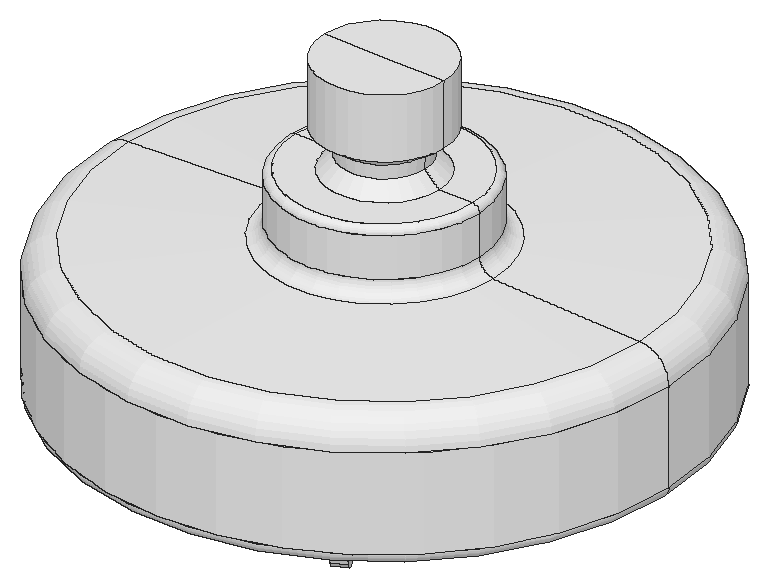
Revit family "Showerhead-American_Standard-Rain-1660.650_Series", category Plumbing Fixtures, Revit 2019
Family settings
  Round Connector Dimension = Use Diameter
  Part Type = Normal
  OmniClass Number = 23.45.05.14.17
  OmniClass Title = Showers
  Work Plane-Based = No
  Always vertical = No
  Cut with Voids When Loaded = No
  Shared = Yes
  Room Calculation Point = No
Parameters (values of type "1660.650.002")
  Width = 4 3/4"  # constant formula
  Waste Connection = no
  WFU = 4  # constant formula
  Vent Connection = no
  URL = "http://www.americanstandard-us.com"
  Tempered Water Connection Radius = 1/4"
  Tempered Water Connection Diameter = Tempered Water Connection Radius * 2  # 1/2"
  Tempered Water Connection = yes
  Revised Date = "09/10/2021"  # constant formula
  Product Page URL = "https://www.americanstandard-us.com/Rain-Showerheads/3-Function-4-3-4-Inch-25-gpm-95-L-min-Showerhead/CHROME-1660650002"
  Product Documentation Link = "https://americanstandard.box.com/shared/static/b6dlslu3qnfv9tlnm5u9zyqxds92ln11.pdf"
  Model = "1660.650.002"
  Material = "Brass-American Standard-002-Polished Chrome"
  Manufacturer = "American Standard"
  Height = 2 15/16"  # constant formula
  HWFU = 3  # constant formula
  HW Connection = no
  Flow Rate = "2.5 gpm (9.5 L/min)"
  Finish = Brass-American Standard-002-Polished Chrome
  Description = "Multifunction Rain Showerhead"
  Creation Date = "01/28/2020"  # constant formula
  CWFU = 3  # constant formula
  CW Connection = no
  Assembly Code = "D2010700"
  ASME A112.18.1/CSA B125.1 = yes
Reference planes (in)
  plane 1 "Center (Front/Back)": y = 0
  plane 2: z = 0
  plane 3 "Center (Left/Right)": x = 0
  plane 4: y = 3.90625
  plane 5: y = -3.90625
  plane 6: z = -2.9375
  plane 7: z = -1.375
  plane 8: x = -2.375
  plane 9: x = 2.375
Forms (in)
  Revolve 1, solid, material "Brass-American Standard-002-Polished Chrome" <- "Finish"
    sketch origin (0, 0, 0) x (1, 0, 0) y (0, 0, 1)
      loop
        line (0, 0) -> (-0.5, 0) -> (-0.5, -0.5) -> (-0.34813, -0.60634) -> (-0.33872, -0.71387) -> (-0.45369, -0.82884) -> (-0.73706, -0.82884)
        arc (-0.73706, -0.82884) -> (-0.77733, -0.84552) -> (-0.79402, -0.88579) r 0.05695
        line (-0.79402, -0.88579) -> (-0.79402, -1.21259)
        arc (-0.79402, -1.21259) -> (-0.82766, -1.29587) -> (-0.90972, -1.33241) r 0.11989
        line (-0.90972, -1.33241) -> (-2.13372, -1.37515)
        arc (-2.13372, -1.37515) -> (-2.30483, -1.45133) -> (-2.375, -1.625) r 0.25
        line (-2.375, -1.625) -> (-2.375, -2.385)
        arc (-2.375, -2.385) -> (-2.35086, -2.44329) -> (-2.29257, -2.46744) r 0.08243
        line (-2.29257, -2.46744) -> (0, -2.46744) -> (0, 0)
      axis (0, 0) -> (0, -2.46744)
    angle from 0 to 360
  Extrusion 2, solid, material "Brass-American Standard-002-Polished Chrome" <- "Finish"
    sketch origin (0, 0, 0.125) x (1, 0, 0) y (0, 0, 1)
      loop
        arc (-1.96534, -2.55929) -> (-1.9803, -2.69604) -> (-1.94444, -2.82884) r 0.37124
        arc (-1.94444, -2.82884) -> (-1.889, -2.88082) -> (-1.81301, -2.88222) r 0.10578
        line (-1.81301, -2.88222) -> (-1.39905, -2.73155) -> (-1.96534, -2.55929)
    from -0.06056 to 0.06157
  Extrusion 3, solid, material "Brass-American Standard-002-Polished Chrome" <- "Finish"
    sketch origin (0, 0, 0.125) x (-0.5, -0.866025, 0) y (0, 0, 1)
      loop
        arc (-1.96534, -2.55929) -> (-1.9803, -2.69604) -> (-1.94444, -2.82884) r 0.37124
        arc (-1.94444, -2.82884) -> (-1.889, -2.88082) -> (-1.81301, -2.88222) r 0.10578
        line (-1.81301, -2.88222) -> (-1.39905, -2.73155) -> (-1.96534, -2.55929)
    from -0.06056 to 0.06157
  Extrusion 4, solid, material "Brass-American Standard-002-Polished Chrome" <- "Finish"
    sketch origin (0, 0, 0.125) x (-0.5, 0.866025, 0) y (0, 0, 1)
      loop
        arc (-1.96534, -2.55929) -> (-1.9803, -2.69604) -> (-1.94444, -2.82884) r 0.37124
        arc (-1.94444, -2.82884) -> (-1.889, -2.88082) -> (-1.81301, -2.88222) r 0.10578
        line (-1.81301, -2.88222) -> (-1.39905, -2.73155) -> (-1.96534, -2.55929)
    from -0.06056 to 0.06157
  Revolve 5, solid, material "Brass-American Standard-002-Polished Chrome" <- "Finish"
    sketch origin (0, 0, 0.125) x (1, 0, 0) y (0, 0, 1)
      loop
        arc (-2.19967, -2.59244) -> (-1.43233, -2.86459) -> (-0.63299, -3.01935) r 5.44803
        line (-0.63299, -3.01935) -> (-0.63299, -2.95816) -> (-0.59685, -2.95816) -> (-0.59685, -3.02345)
        arc (-0.59685, -3.02345) -> (-0.29887, -3.04804) -> (0, -3.05624) r 5.44803
        line (0, -3.05624) -> (0, -2.59244) -> (-2.19967, -2.59244)
      axis (0, -2.59244) -> (0, -3.05624)
    angle from 0 to 360
  Extrusion 6, solid, material "Brass-American Standard-002-Polished Chrome" <- "Finish"
    sketch origin (0, 0, 0) x (1, 0, 0) y (0, 1, 0)
      loop
        circle (0.28608, 1.80623) r 0.06363
      loop
        circle (0.68506, 1.69559) r 0.06363
      loop
        circle (-0.12757, 1.82429) r 0.06363
      loop
        circle (-0.53467, 1.74884) r 0.06363
      loop
        circle (-0.91437, 1.58374) r 0.06363
      loop
        circle (-1.2472, 1.33746) r 0.06363
      loop
        circle (-1.5161, 1.02262) r 0.06363
      loop
        circle (-1.70728, 0.65536) r 0.06363
      loop
        circle (-1.81095, 0.25451) r 0.06363
      loop
        circle (1.42162, -1.15035) r 0.06363
      loop
        circle (1.12641, -1.44066) r 0.06363
      loop
        circle (1.64396, -0.80107) r 0.06363
      loop
        circle (1.78203, -0.41073) r 0.06363
      loop
        circle (1.82875, 0.00066) r 0.06363
      loop
        circle (1.78173, 0.41203) r 0.06363
      loop
        circle (1.64338, 0.80227) r 0.06363
      loop
        circle (1.42079, 1.15138) r 0.06363
      loop
        circle (1.12537, 1.44148) r 0.06363
      loop
        circle (-1.70705, -0.65598) r 0.06363
      loop
        circle (-1.81086, -0.25517) r 0.06363
      loop
        circle (-1.51573, -1.02317) r 0.06363
      loop
        circle (-1.24672, -1.33791) r 0.06363
      loop
        circle (-0.9138, -1.58407) r 0.06363
      loop
        circle (-0.53404, -1.74903) r 0.06363
      loop
        circle (-0.12691, -1.82434) r 0.06363
      loop
        circle (0.28673, -1.80613) r 0.06363
      loop
        circle (0.68568, -1.69534) r 0.06363
    from -2.68506 to -2.43429
  Extrusion 7, solid, material "Brass-American Standard-002-Polished Chrome" <- "Finish"
    sketch origin (0, 0, 0) x (1, 0, 0) y (0, 1, 0)
      loop
        circle (0.05212, 1.44929) r 0.06363
      loop
        circle (0.3768, 1.40042) r 0.06363
      loop
        circle (-0.58848, 1.32546) r 0.06363
      loop
        circle (-0.27524, 1.42387) r 0.06363
      loop
        circle (-1.10997, 0.93335) r 0.06363
      loop
        circle (-0.87156, 1.15911) r 0.06363
      loop
        circle (-1.40679, 0.35231) r 0.06363
      loop
        circle (-1.29148, 0.65973) r 0.06363
      loop
        circle (-1.28118, -0.67951) r 0.06363
      loop
        circle (-1.4012, -0.37389) r 0.06363
      loop
        circle (-0.85364, -1.17237) r 0.06363
      loop
        circle (-1.09549, -0.9503) r 0.06363
      loop
        circle (-0.25332, -1.42793) r 0.06363
      loop
        circle (-0.56804, -1.33435) r 0.06363
      loop
        circle (0.39829, -1.39447) r 0.06363
      loop
        circle (0.07439, -1.44832) r 0.06363
      loop
        circle (1.22906, -0.76978) r 0.06363
      loop
        circle (1.0244, -1.02653) r 0.06363
      loop
        circle (1.44213, -0.15309) r 0.06363
      loop
        circle (1.37073, -0.47358) r 0.06363
      loop
        circle (1.36329, 0.49459) r 0.06363
      loop
        circle (1.4396, 0.17524) r 0.06363
      loop
        circle (1.0085, 1.04216) r 0.06363
      loop
        circle (1.21709, 0.78859) r 0.06363
    from -2.81615 to -2.46744
  Extrusion 8, solid, material "Brass-American Standard-002-Polished Chrome" <- "Finish"
    sketch origin (0, 0, 0) x (1, 0, 0) y (0, 1, 0)
      loop
        circle (0.54444, 0.95232) r 0.06363
      loop
        circle (0.27941, 1.06078) r 0.06363
      loop
        circle (-0.21388, 1.0759) r 0.06363
      loop
        circle (0.03362, 1.09644) r 0.06363
      loop
        circle (-0.66388, 0.87326) r 0.06363
      loop
        circle (-0.45043, 1.00022) r 0.06363
      loop
        circle (-0.84331, 0.70153) r 0.06363
      loop
        circle (-1.06549, 0.26085) r 0.06363
      loop
        circle (-0.9795, 0.49385) r 0.06363
      loop
        circle (-0.9922, -0.46782) r 0.06363
      loop
        circle (-1.07201, -0.23263) r 0.06363
      loop
        circle (-0.68671, -0.85542) r 0.06363
      loop
        circle (-0.86154, -0.67902) r 0.06363
      loop
        circle (-0.47668, -0.98797) r 0.06363
      loop
        circle (0.00466, -1.09695) r 0.06363
      loop
        circle (-0.24222, -1.06988) r 0.06363
      loop
        circle (-1.09686, 0.01448) r 0.06363
      loop
        circle (0.2513, -1.06778) r 0.06363
      loop
        circle (0.69396, -0.84955) r 0.06363
      loop
        circle (0.48506, -0.98389) r 0.06363
      loop
        circle (0.99614, -0.45936) r 0.06363
      loop
        circle (0.86728, -0.67167) r 0.06363
      loop
        circle (1.07395, -0.22351) r 0.06363
      loop
        circle (1.06324, 0.2699) r 0.06363
      loop
        circle (1.0967, 0.02381) r 0.06363
      loop
        circle (0.97527, 0.50216) r 0.06363
      loop
        circle (0.83731, 0.70868) r 0.06363
    from -2.85909 to -2.43429
  Extrusion 9, solid, material "Brass-American Standard-002-Polished Chrome" <- "Finish"
    sketch origin (0, 0, 0) x (1, 0, 0) y (0, 1, 0)
      loop
        circle (-0.11735, 0.74094) r 0.03147
      loop
        circle (-0.24423, 0.70931) r 0.03147
      loop
        circle (-0.36369, 0.65612) r 0.03147
      loop
        circle (-0.4721, 0.583) r 0.03147
      loop
        circle (-0.56617, 0.49216) r 0.03147
      loop
        circle (-0.64303, 0.38637) r 0.03147
      loop
        circle (-0.70035, 0.26884) r 0.03147
      loop
        circle (0.70045, -0.26859) r 0.03147
      loop
        circle (0.73645, -0.14287) r 0.03147
      loop
        circle (0.75007, -0.01282) r 0.03147
      loop
        circle (0.7409, 0.11762) r 0.03147
      loop
        circle (0.70922, 0.24449) r 0.03147
      loop
        circle (0.65599, 0.36393) r 0.03147
      loop
        circle (0.58283, 0.47231) r 0.03147
      loop
        circle (-0.58283, -0.47231) r 0.03147
      loop
        circle (-0.49196, -0.56634) r 0.03147
      loop
        circle (-0.38614, -0.64317) r 0.03147
      loop
        circle (-0.26859, -0.70045) r 0.03147
      loop
        circle (-0.14287, -0.73645) r 0.03147
      loop
        circle (-0.01282, -0.75007) r 0.03147
      loop
        circle (0.11762, -0.7409) r 0.03147
    from -2.91776 to -2.43429
Lines and regions (in)
  Masking region 1
    outline origin (0, 0, 0) x (1, 0, 0) y (0, 1, 0)
      loop
        circle (0, 0) r 2.375
  symbolic lines, detail levels medium+fine
    curve 1: circle (0, 0, 0) r 0.80595 normal (0, 0, 1)
  symbolic lines, detail levels fine
    curve 2: circle (0, 0, 0) r 0.5 normal (0, 0, 1)
    curve 3: circle (0, 0, 0) r 0.25 normal (0, 0, 1)
Dimensions and locks (in)
  equal spacing: plane 4, plane 1 "Center (Front/Back)", plane 5
  plane 4 to plane 5 = 7 13/16"
  equal spacing: plane 8, plane 3 "Center (Left/Right)", plane 9
  plane 8 to plane 9 = 4 3/4"
  level to plane 6 = 2 15/16"
  locked: plane 7 to plane 6 at 1.5625
Automatic sketch dimensions
  Extrusion 2 sketch curve to plane 8 = 0.40966"
  Extrusion 2 sketch curve to Extrusion 2 sketch curve = 0.11615"
  Extrusion 2 sketch curve to plane 6 = 0.18028"
  Extrusion 2 sketch curve to Extrusion 2 sketch curve = 0.03618"
  Extrusion 2 sketch curve to Extrusion 2 sketch curve = 0.23902"
  Extrusion 2 sketch curve to plane 6 = 0.33095"
  Extrusion 2 sketch curve to Extrusion 2 sketch curve = 0.21112"
  Extrusion 2 sketch curve to Extrusion 2 sketch curve = 0.0994"
  Extrusion 2 sketch curve to Extrusion 2 sketch curve = 0.06422"
  Extrusion 2 sketch curve to Extrusion 2 sketch curve = 0.22353"
  Extrusion 3 sketch curve to plane 6 = 0.50321"
  Extrusion 3 sketch curve to plane 6 = 0.27968"
  Extrusion 3 sketch curve to Extrusion 3 sketch curve = 0.11615"
  Extrusion 3 sketch curve to plane 6 = 0.18028"
  Extrusion 3 sketch curve to Extrusion 3 sketch curve = 0.03618"
  Extrusion 3 sketch curve to Extrusion 3 sketch curve = 0.23902"
  Extrusion 3 sketch curve to plane 6 = 0.33095"
  Extrusion 3 sketch curve to Extrusion 3 sketch curve = 0.21112"
  Extrusion 3 sketch curve to Extrusion 3 sketch curve = 0.06422"
  Extrusion 4 sketch curve to plane 6 = 0.50321"
  Extrusion 4 sketch curve to plane 6 = 0.27968"
  Extrusion 4 sketch curve to Extrusion 4 sketch curve = 0.11615"
  Extrusion 4 sketch curve to plane 6 = 0.18028"
  Extrusion 4 sketch curve to Extrusion 4 sketch curve = 0.03618"
  Extrusion 4 sketch curve to Extrusion 4 sketch curve = 0.23902"
  Extrusion 4 sketch curve to plane 6 = 0.33095"
  Extrusion 4 sketch curve to Extrusion 4 sketch curve = 0.21112"
  Extrusion 4 sketch curve to Extrusion 4 sketch curve = 0.06422"
  plane 8 to Revolve 1 sketch curve = 0"
  Revolve 1 sketch curve to level = 0"
  Revolve 1 sketch curve to plane 3 "Center (Left/Right)" = 0"  (x2)
  Revolve 1 sketch curve to Revolve 1 sketch curve = 0.08243"
  Revolve 1 sketch curve to plane 7 = 0.00015"
  Revolve 1 sketch curve to plane 8 = 0.24128"
  Revolve 1 sketch curve to plane 7 = 1/4"
  plane 7 to Revolve 1 sketch curve = 0.16241"
  Revolve 1 sketch curve to plane 3 "Center (Left/Right)" = 0.91391"
  plane 7 to Revolve 1 sketch curve = 0.04259"
  Revolve 1 sketch curve to Revolve 1 sketch curve = 0.00418"
  Revolve 1 sketch curve to Revolve 1 sketch curve = 0.05695"
  Revolve 1 sketch curve to Revolve 1 sketch curve = 0.23706"
  Revolve 1 sketch curve to Revolve 1 sketch curve = 0.28337"
  Revolve 1 sketch curve to Revolve 1 sketch curve = 0.15187"
  Revolve 1 sketch curve to Revolve 1 sketch curve = 0.00941"
  Revolve 1 sketch curve to plane 6 = 0.5525"
  Revolve 1 sketch curve to Revolve 1 sketch curve = 0.3268"
  Revolve 1 sketch curve to Revolve 1 sketch curve = 0.11497"
  Revolve 1 sketch curve to Revolve 1 sketch curve = 0.10753"
  Revolve 1 sketch curve to Revolve 1 sketch curve = 0.10634"
  Revolve 1 sketch curve to Revolve 1 sketch curve = 1/2"  (x2)
  Extrusion 6 sketch curve to plane 1 "Center (Front/Back)" = 0.25451"
  Extrusion 6 sketch curve to plane 8 = 0.56405"
  Extrusion 6 sketch curve to Extrusion 6 sketch curve = 0.00009"
  Extrusion 6 sketch curve to Extrusion 6 sketch curve = 0.10367"
  Extrusion 6 sketch curve to Extrusion 6 sketch curve = 0.10381"
  Extrusion 6 sketch curve to Extrusion 6 sketch curve = 0.19118"
  Extrusion 6 sketch curve to Extrusion 6 sketch curve = 0.19132"
  Extrusion 6 sketch curve to Extrusion 6 sketch curve = 0.2689"
  Extrusion 6 sketch curve to Extrusion 6 sketch curve = 0.26901"
  Extrusion 6 sketch curve to Extrusion 6 sketch curve = 0.33283"
  Extrusion 6 sketch curve to Extrusion 6 sketch curve = 0.33292"
  Extrusion 6 sketch curve to Extrusion 6 sketch curve = 0.3797"
  Extrusion 6 sketch curve to Extrusion 6 sketch curve = 0.37976"
  Extrusion 6 sketch curve to plane 3 "Center (Left/Right)" = 0.12757"
  Extrusion 6 sketch curve to plane 3 "Center (Left/Right)" = 0.12691"
  plane 3 "Center (Left/Right)" to Extrusion 6 sketch curve = 0.28608"
  plane 3 "Center (Left/Right)" to Extrusion 6 sketch curve = 0.28673"
  Extrusion 6 sketch curve to Extrusion 6 sketch curve = 0.39898"
  Extrusion 6 sketch curve to Extrusion 6 sketch curve = 0.39894"
  Extrusion 6 sketch curve to Extrusion 6 sketch curve = 0.44031"
  Extrusion 6 sketch curve to Extrusion 6 sketch curve = 0.44074"
  Extrusion 6 sketch curve to Extrusion 6 sketch curve = 0.29542"
  Extrusion 6 sketch curve to Extrusion 6 sketch curve = 0.29521"
  Extrusion 6 sketch curve to Extrusion 6 sketch curve = 0.22259"
  Extrusion 6 sketch curve to Extrusion 6 sketch curve = 0.22234"
  Extrusion 6 sketch curve to Extrusion 6 sketch curve = 0.13835"
  Extrusion 6 sketch curve to Extrusion 6 sketch curve = 0.13807"
  Extrusion 6 sketch curve to plane 1 "Center (Front/Back)" = 0.00066"
  Extrusion 6 sketch curve to Extrusion 6 sketch curve = 0.04672"
  plane 1 "Center (Front/Back)" to Extrusion 6 sketch curve = 0.25517"
  plane 1 "Center (Front/Back)" to Extrusion 6 sketch curve = 0.41073"
  Extrusion 6 sketch curve to Extrusion 6 sketch curve = 0.40081"
  Extrusion 6 sketch curve to Extrusion 6 sketch curve = 0.39034"
  Extrusion 6 sketch curve to Extrusion 6 sketch curve = 47/128"
  Extrusion 6 sketch curve to Extrusion 6 sketch curve = 0.34928"
  Extrusion 6 sketch curve to Extrusion 6 sketch curve = 0.31474"
  Extrusion 6 sketch curve to Extrusion 6 sketch curve = 0.29031"
  Extrusion 6 sketch curve to Extrusion 6 sketch curve = 0.24616"
  Extrusion 6 sketch curve to Extrusion 6 sketch curve = 0.25467"
  Extrusion 6 sketch curve to Extrusion 6 sketch curve = 0.16496"
  Extrusion 6 sketch curve to Extrusion 6 sketch curve = 0.11079"
  Extrusion 6 sketch curve to Extrusion 6 sketch curve = 0.01821"
  Extrusion 6 sketch curve to plane 1 "Center (Front/Back)" = 0.41203"
  Extrusion 6 sketch curve to Extrusion 6 sketch curve = 0.40085"
  Extrusion 6 sketch curve to Extrusion 6 sketch curve = 0.39024"
  Extrusion 6 sketch curve to Extrusion 6 sketch curve = 0.36726"
  Extrusion 6 sketch curve to Extrusion 6 sketch curve = 0.34912"
  Extrusion 6 sketch curve to Extrusion 6 sketch curve = 0.31484"
  Extrusion 6 sketch curve to Extrusion 6 sketch curve = 0.2901"
  Extrusion 6 sketch curve to Extrusion 6 sketch curve = 0.24628"
  Extrusion 6 sketch curve to Extrusion 6 sketch curve = 0.2541"
  Extrusion 6 sketch curve to Extrusion 6 sketch curve = 0.1651"
  Extrusion 6 sketch curve to Extrusion 6 sketch curve = 0.11065"
  Extrusion 6 sketch curve to Extrusion 6 sketch curve = 0.01806"
  Extrusion 7 sketch curve to plane 1 "Center (Front/Back)" = 0.35231"
  Extrusion 7 sketch curve to plane 8 = 0.96821"
  Extrusion 7 sketch curve to Extrusion 7 sketch curve = 0.00558"
  Extrusion 7 sketch curve to Extrusion 7 sketch curve = 0.11531"
  Extrusion 7 sketch curve to Extrusion 7 sketch curve = 0.12002"
  Extrusion 7 sketch curve to Extrusion 7 sketch curve = 0.18151"
  Extrusion 7 sketch curve to Extrusion 7 sketch curve = 0.18569"
  Extrusion 7 sketch curve to Extrusion 7 sketch curve = 0.23841"
  Extrusion 7 sketch curve to Extrusion 7 sketch curve = 0.24185"
  Extrusion 7 sketch curve to Extrusion 7 sketch curve = 0.28308"
  Extrusion 7 sketch curve to Extrusion 7 sketch curve = 0.28561"
  Extrusion 7 sketch curve to plane 3 "Center (Left/Right)" = 0.27524"
  Extrusion 7 sketch curve to plane 3 "Center (Left/Right)" = 0.25332"
  plane 3 "Center (Left/Right)" to Extrusion 7 sketch curve = 0.05212"
  plane 3 "Center (Left/Right)" to Extrusion 7 sketch curve = 0.07439"
  Extrusion 7 sketch curve to Extrusion 7 sketch curve = 0.32468"
  Extrusion 7 sketch curve to Extrusion 7 sketch curve = 0.32389"
  Extrusion 7 sketch curve to Extrusion 7 sketch curve = 0.63169"
  Extrusion 7 sketch curve to Extrusion 7 sketch curve = 0.62611"
  Extrusion 7 sketch curve to Extrusion 7 sketch curve = 0.20859"
  Extrusion 7 sketch curve to Extrusion 7 sketch curve = 0.20466"
  Extrusion 7 sketch curve to Extrusion 7 sketch curve = 0.1462"
  Extrusion 7 sketch curve to Extrusion 7 sketch curve = 0.14166"
  Extrusion 7 sketch curve to Extrusion 7 sketch curve = 0.07632"
  plane 1 "Center (Front/Back)" to Extrusion 7 sketch curve = 0.15309"
  Extrusion 7 sketch curve to Extrusion 7 sketch curve = 0.00252"
  plane 1 "Center (Front/Back)" to Extrusion 7 sketch curve = 0.37389"
  Extrusion 7 sketch curve to Extrusion 7 sketch curve = 0.32048"
  Extrusion 7 sketch curve to Extrusion 7 sketch curve = 0.30562"
  Extrusion 7 sketch curve to Extrusion 7 sketch curve = 0.29621"
  Extrusion 7 sketch curve to Extrusion 7 sketch curve = 0.27079"
  Extrusion 7 sketch curve to Extrusion 7 sketch curve = 0.25675"
  Extrusion 7 sketch curve to Extrusion 7 sketch curve = 0.22208"
  Extrusion 7 sketch curve to Extrusion 7 sketch curve = 0.16198"
  Extrusion 7 sketch curve to Extrusion 7 sketch curve = 0.36793"
  Extrusion 7 sketch curve to Extrusion 7 sketch curve = 0.09358"
  Extrusion 7 sketch curve to Extrusion 7 sketch curve = 0.05385"
  Extrusion 7 sketch curve to plane 1 "Center (Front/Back)" = 0.17524"
  Extrusion 7 sketch curve to Extrusion 7 sketch curve = 0.31935"
  Extrusion 7 sketch curve to Extrusion 7 sketch curve = 0.30743"
  Extrusion 7 sketch curve to Extrusion 7 sketch curve = 0.294"
  Extrusion 7 sketch curve to Extrusion 7 sketch curve = 0.27361"
  Extrusion 7 sketch curve to Extrusion 7 sketch curve = 0.25357"
  Extrusion 7 sketch curve to Extrusion 7 sketch curve = 0.22577"
  Extrusion 7 sketch curve to Extrusion 7 sketch curve = 0.16635"
  Extrusion 7 sketch curve to Extrusion 7 sketch curve = 0.35826"
  Extrusion 7 sketch curve to Extrusion 7 sketch curve = 0.09841"
  Extrusion 7 sketch curve to Extrusion 7 sketch curve = 0.04887"
  Extrusion 8 sketch curve to plane 1 "Center (Front/Back)" = 0.01448"
  Extrusion 8 sketch curve to plane 3 "Center (Left/Right)" = 1.09686"
  Extrusion 8 sketch curve to Extrusion 8 sketch curve = 0.02485"
  Extrusion 8 sketch curve to Extrusion 8 sketch curve = 0.03137"
  Extrusion 8 sketch curve to Extrusion 8 sketch curve = 0.07981"
  Extrusion 8 sketch curve to Extrusion 8 sketch curve = 0.08599"
  Extrusion 8 sketch curve to Extrusion 8 sketch curve = 0.13067"
  Extrusion 8 sketch curve to Extrusion 8 sketch curve = 0.1362"
  Extrusion 8 sketch curve to Extrusion 8 sketch curve = 0.17483"
  Extrusion 8 sketch curve to Extrusion 8 sketch curve = 0.17942"
  Extrusion 8 sketch curve to Extrusion 8 sketch curve = 0.21003"
  Extrusion 8 sketch curve to Extrusion 8 sketch curve = 0.21346"
  Extrusion 8 sketch curve to plane 3 "Center (Left/Right)" = 0.24222"
  Extrusion 8 sketch curve to plane 3 "Center (Left/Right)" = 0.21388"
  plane 3 "Center (Left/Right)" to Extrusion 8 sketch curve = 0.00466"
  plane 3 "Center (Left/Right)" to Extrusion 8 sketch curve = 0.03362"
  Extrusion 8 sketch curve to Extrusion 8 sketch curve = 0.24664"
  Extrusion 8 sketch curve to Extrusion 8 sketch curve = 0.24578"
  Extrusion 8 sketch curve to Extrusion 8 sketch curve = 0.23376"
  Extrusion 8 sketch curve to Extrusion 8 sketch curve = 0.26503"
  Extrusion 8 sketch curve to Extrusion 8 sketch curve = 0.20889"
  Extrusion 8 sketch curve to Extrusion 8 sketch curve = 0.29288"
  Extrusion 8 sketch curve to Extrusion 8 sketch curve = 0.17332"
  Extrusion 8 sketch curve to Extrusion 8 sketch curve = 0.13796"
  Extrusion 8 sketch curve to Extrusion 8 sketch curve = 0.12887"
  Extrusion 8 sketch curve to Extrusion 8 sketch curve = 0.08796"
  Extrusion 8 sketch curve to Extrusion 8 sketch curve = 0.0778"
  Extrusion 8 sketch curve to plane 1 "Center (Front/Back)" = 0.02381"
  Extrusion 8 sketch curve to Extrusion 8 sketch curve = 0.02275"
  plane 1 "Center (Front/Back)" to Extrusion 8 sketch curve = 0.22351"
  plane 1 "Center (Front/Back)" to Extrusion 8 sketch curve = 0.23263"
  Extrusion 8 sketch curve to Extrusion 8 sketch curve = 0.23586"
  Extrusion 8 sketch curve to Extrusion 8 sketch curve = 0.23519"
  Extrusion 8 sketch curve to Extrusion 8 sketch curve = 0.21231"
  Extrusion 8 sketch curve to Extrusion 8 sketch curve = 0.21121"
  Extrusion 8 sketch curve to Extrusion 8 sketch curve = 0.17788"
  Extrusion 8 sketch curve to Extrusion 8 sketch curve = 0.1764"
  Extrusion 8 sketch curve to Extrusion 8 sketch curve = 0.13433"
  Extrusion 8 sketch curve to Extrusion 8 sketch curve = 0.13255"
  Extrusion 8 sketch curve to Extrusion 8 sketch curve = 0.0839"
  Extrusion 8 sketch curve to Extrusion 8 sketch curve = 0.08191"
  Extrusion 8 sketch curve to Extrusion 8 sketch curve = 0.02916"
  Extrusion 8 sketch curve to Extrusion 8 sketch curve = 0.24637"
  Extrusion 8 sketch curve to Extrusion 8 sketch curve = 63/256"
  Extrusion 8 sketch curve to Extrusion 8 sketch curve = 0.233"
  Extrusion 8 sketch curve to Extrusion 8 sketch curve = 0.23226"
  Extrusion 8 sketch curve to Extrusion 8 sketch curve = 0.20768"
  Extrusion 8 sketch curve to Extrusion 8 sketch curve = 0.20652"
  Extrusion 8 sketch curve to Extrusion 8 sketch curve = 0.17172"
  Extrusion 8 sketch curve to Extrusion 8 sketch curve = 0.24364"
  Extrusion 8 sketch curve to Extrusion 8 sketch curve = 0.12696"
  Extrusion 8 sketch curve to Extrusion 8 sketch curve = 0.10846"
  Extrusion 8 sketch curve to Extrusion 8 sketch curve = 0.07569"
  Extrusion 8 sketch curve to Extrusion 8 sketch curve = 0.03567"
  Extrusion 9 sketch curve to plane 1 "Center (Front/Back)" = 0.26884"
  Extrusion 9 sketch curve to plane 3 "Center (Left/Right)" = 0.70035"
  Extrusion 9 sketch curve to Extrusion 9 sketch curve = 0.05732"
  Extrusion 9 sketch curve to plane 3 "Center (Left/Right)" = 0.58283"
  Extrusion 9 sketch curve to Extrusion 9 sketch curve = 0.07686"
  Extrusion 9 sketch curve to Extrusion 9 sketch curve = 0.09087"
  Extrusion 9 sketch curve to Extrusion 9 sketch curve = 0.09406"
  Extrusion 9 sketch curve to Extrusion 9 sketch curve = 0.10582"
  Extrusion 9 sketch curve to Extrusion 9 sketch curve = 0.10841"
  Extrusion 9 sketch curve to Extrusion 9 sketch curve = 0.11755"
  Extrusion 9 sketch curve to Extrusion 9 sketch curve = 0.11946"
  Extrusion 9 sketch curve to Extrusion 9 sketch curve = 0.12571"  (x2)
  Extrusion 9 sketch curve to plane 3 "Center (Left/Right)" = 0.11735"
  Extrusion 9 sketch curve to plane 3 "Center (Left/Right)" = 0.01282"
  plane 3 "Center (Left/Right)" to Extrusion 9 sketch curve = 0.11762"
  plane 3 "Center (Left/Right)" to Extrusion 9 sketch curve = 0.58283"
  Extrusion 9 sketch curve to Extrusion 9 sketch curve = 0.07316"
  plane 1 "Center (Front/Back)" to Extrusion 9 sketch curve = 0.26859"
  Extrusion 9 sketch curve to Extrusion 9 sketch curve = 0.04446"
  Extrusion 9 sketch curve to Extrusion 9 sketch curve = 0.05323"
  Extrusion 9 sketch curve to Extrusion 9 sketch curve = 0.036"  (x2)
  Extrusion 9 sketch curve to Extrusion 9 sketch curve = 0.03168"
  plane 1 "Center (Front/Back)" to Extrusion 9 sketch curve = 0.01282"
  Extrusion 9 sketch curve to Extrusion 9 sketch curve = 0.00917"  (x2)
  plane 1 "Center (Front/Back)" to Extrusion 9 sketch curve = 0.47231"
  Extrusion 9 sketch curve to Extrusion 9 sketch curve = 0.09403"
  Extrusion 9 sketch curve to Extrusion 9 sketch curve = 0.07682"
  Extrusion 9 sketch curve to Extrusion 9 sketch curve = 0.05728"
  Extrusion 9 sketch curve to Extrusion 9 sketch curve = 0.00445"
  Extrusion 9 sketch curve to plane 1 "Center (Front/Back)" = 0.11762"
  Extrusion 9 sketch curve to Extrusion 9 sketch curve = 0.12687"
  Extrusion 9 sketch curve to Extrusion 9 sketch curve = 0.11944"
  Extrusion 9 sketch curve to Extrusion 9 sketch curve = 0.11753"
  Extrusion 9 sketch curve to Extrusion 9 sketch curve = 0.10838"
  Extrusion 9 sketch curve to Extrusion 9 sketch curve = 0.10579"
  Extrusion 9 sketch curve to Extrusion 9 sketch curve = 0.09084"
  Extrusion 9 sketch curve to Extrusion 9 sketch curve = 0.07312"
  Extrusion 9 sketch curve to Extrusion 9 sketch curve = 0.05319"
  Extrusion 9 sketch curve to Extrusion 9 sketch curve = 0.03163"
  curve 1 to curve 2 = 0"  (x2)
  curve 1 to curve 3 = 0"  (x2)
  curve 2 to curve 3 = 0"  (x2)
  plane 1 "Center (Front/Back)" to curve 2 = 0"
  curve 2 to plane 3 "Center (Left/Right)" = 0"
  plane 1 "Center (Front/Back)" to Masking region 1 sketch curve = 0"
  Masking region 1 sketch curve to plane 3 "Center (Left/Right)" = 0"
  Revolve 5 sketch curve to plane 3 "Center (Left/Right)" = 0"  (x3)
  Revolve 5 sketch curve to plane 6 = 5/128"
  Revolve 5 sketch curve to Revolve 5 sketch curve = 0.03614"
  Revolve 5 sketch curve to plane 6 = 0.04315"
  Revolve 5 sketch curve to Revolve 5 sketch curve = 0.03279"
  Revolve 5 sketch curve to Revolve 5 sketch curve = 0.06118"
  Revolve 5 sketch curve to Revolve 5 sketch curve = 0.46381"
  Revolve 5 sketch curve to Revolve 5 sketch curve = 0"  (x2)
  level to Revolve 5 sketch curve = 5/8"
  Revolve 5 sketch curve to Revolve 5 sketch curve = 1/2"
  Revolve 5 sketch curve to plane 3 "Center (Left/Right)" = 0.59685"
  radius of Extrusion 6 sketch curve = 0.06363"  (x27)
  radius of Extrusion 7 sketch curve = 0.06363"  (x24)
  radius of Extrusion 8 sketch curve = 0.06363"  (x27)
  radius of Extrusion 9 sketch curve = 0.03147"  (x21)
  radius of curve 1 = 0.80595"
  radius of curve 2 = 1/2"
  radius of curve 3 = 1/4"
  radius of Masking region 1 sketch curve = 2 3/8"
Connectors (in)
  piping at (0, 0, 0), diameter 0.5, driven by "Tempered Water Connection Diameter"
    settings: on Revolve 1, index 1, connector inside diameter 24", connector length 0", flow factor 0, pipe flow 2.5 GPM, pressure drop 0.00 psi, fitting loss kfactor 0, connector angle 0.00°, fixture units 0, engagement length 0", angle of deflection 0.00°, flow configuration 0, flow direction 1, fitting loss method 0, system type 29, joint type 0, gender type 0, connector reference index -1, connector utility 0, adjustable connector no, is connector primary yes, connector description "1/2\" Supply Inlet"
